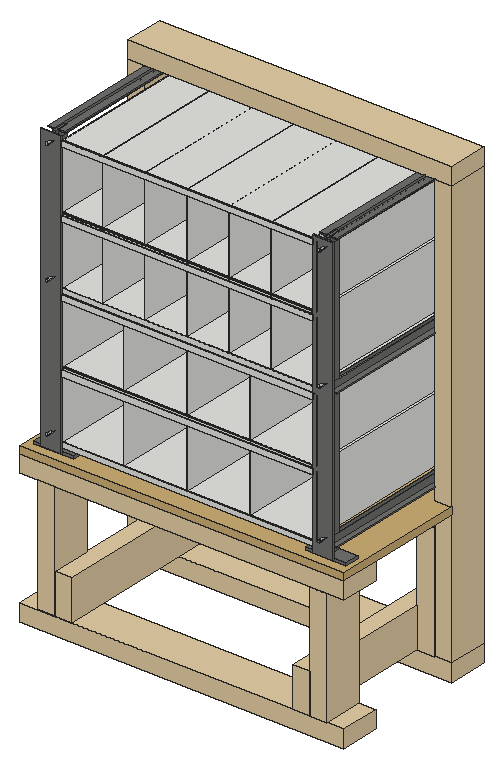
Revit family "Mailboxes_Aluminum-Rack_Ladder_System-Salsbury_Industries-2_Unit_High_Wall_Installation", category Specialty Equipment, host Wall, Revit 2016 (continued)
Definition of nested family "2200_Series_Aluminum_Mailboxes_Rack_Ladder_Units"
  Dimensions and locks (in)
    aligned and locked: cut or joined group of Extrusion 1, Extrusion 4, Extrusion 7 to plane 23
    aligned and locked: cut or joined group of Extrusion 1, Extrusion 4, Extrusion 7 to plane 10
    aligned and locked: plane 14 "Back Edge of Side Panels" to curve 46
    aligned and locked: curve 44 to plane 111
    aligned and locked: curve 45 to plane 34
  Automatic sketch dimensions
    plane 6 "Front" to Extrusion 4 sketch curve = 0.000"
    Extrusion 4 sketch curve to plane 24 "Right Side Trim Alignment-Top and Bottom Trim" = 0.000"
    Extrusion 4 sketch curve to plane 5 "Right" = 0.000"
    plane 27 to Extrusion 4 sketch curve = 0.000"
    plane 6 "Front" to Extrusion 6 sketch curve = 0.000"
    Extrusion 6 sketch curve to plane 30 "Left Side Trim Alignment-Top and Bottom Trim" = 0.000"
    Extrusion 6 sketch curve to plane 4 "Left" = 0.000"
    Extrusion 6 sketch curve to plane 27 = 0.000"
    Extrusion 7 sketch curve to plane 6 "Front" = 0.000"
    plane 22 to Extrusion 7 sketch curve = 0.000"
    Extrusion 7 sketch curve to plane 31 "Trop Trim Extrusion Line" = 0.000"
    plane 21 "Top Trim Height" to Extrusion 7 sketch curve = 0.000"
    Extrusion 9 sketch curve to plane 14 "Back Edge of Side Panels" = 0.000"
    Extrusion 9 sketch curve to plane 7 "Back" = 0.000"
    plane 21 "Top Trim Height" to Extrusion 9 sketch curve = 0.000"
    plane 14 "Back Edge of Side Panels" to Extrusion 11 sketch curve = 0.000"
    plane 15 to Extrusion 11 sketch curve = 0.000"
    Extrusion 11 sketch curve to plane 32 "Left Wall of Enclosure" = 0.000"
    Extrusion 11 sketch curve to plane 25 "Inner Right Side of Trim" = 0.000"
    plane 24 "Right Side Trim Alignment-Top and Bottom Trim" to Extrusion 12 sketch curve = 0.000"
    Extrusion 12 sketch curve to plane 55 "Door Align - Row 1" = 0.000"  (x2)
    Extrusion 12 sketch curve to plane 45 "Bottom Compartment Section-Top Plate" = 0.000"  (x2)
    plane 32 "Left Wall of Enclosure" to Extrusion 12 sketch curve = 0.000"
    plane 26 "Right Wall of Enclsosure" to Extrusion 12 sketch curve = 0.000"
    Extrusion 12 sketch curve to plane 93 = 0.0005"
    Extrusion 13 sketch curve to plane 77 = 0.000"
    plane 11 "Door Align-Back of Door" to Extrusion 22 sketch curve = 0.000"
    Extrusion 22 sketch curve to plane 68 = 0.000"
    Extrusion 22 sketch curve to plane 69 = 0.000"
    plane 92 to Extrusion 22 sketch curve = 0.000"
    curve 33 to plane 27 = 0.000"
    plane 27 to curve 30 = 0.000"
    curve 29 to plane 30 "Left Side Trim Alignment-Top and Bottom Trim" = 0.000"
    curve 32 to plane 24 "Right Side Trim Alignment-Top and Bottom Trim" = 0.000"
    curve 40 to plane 11 "Door Align-Back of Door" = 0.000"
    plane 23 to curve 40 = 0.000"
    curve 43 to plane 12 "Back Edge of Top Trim" = 0.000"
    plane 22 to curve 43 = 0.000"
    curve 36 to plane 15 = 0.000"
    curve 36 to plane 18 = 0.000"
    curve 38 to plane 17 "Back Edge of Bottom Trim" = 0.000"
    curve 38 to plane 19 = 0.000"
    curve 37 to plane 16 = 0.000"
    curve 40 to plane 10 = 0.000"
  Nested families (in)
    nested 1: "Rack Ladder None" at (-5.61775, -7.25025, 0.28125), type <- "Door Location D8", visible <- "Visible", type "No Door"
    nested 2: "Rack Ladder None" at (-9.3155, -7.25025, 0.28125), type <- "Door Location D7", visible <- "Visible", type "No Door"
    nested 3: "Rack Ladder #4 Door" at (-5.62775, -7.25025, 0.28125), type <- "Door Location D9", visible <- "Visible", type "#4 Door"
    nested 4: "Rack Ladder None" at (1.77825, -7.25025, 0.28125), type <- "Door Location D10", visible <- "Visible", type "No Door"
    nested 5: "Rack Ladder None" at (5.47625, -7.25025, 0.28125), type <- "Door Location D11", visible <- "Visible", type "No Door"
    nested 6: "Rack Ladder #4 Door" at (5.46875, -7.25025, 0.28125), type <- "Door Location D12", visible <- "Visible", type "#4 Door"
    nested 7: "Rack Ladder None" at (-5.61775, -7.25025, 6.219), type <- "Door Location D2", visible <- "Visible", type "No Door"
    nested 8: "Rack Ladder None" at (-9.3155, -7.25025, 6.219), type <- "Door Location D1", visible <- "Visible", type "No Door"
    nested 9: "Rack Ladder None" at (-1.91975, -7.25025, 6.219), type <- "Door Location D3", visible <- "Visible", type "No Door"
    nested 10: "Rack Ladder None" at (1.77825, -7.25025, 6.219), type <- "Door Location D4", visible <- "Visible", type "No Door"
    nested 11: "Rack Ladder None" at (5.47625, -7.25025, 6.219), type <- "Door Location D5", visible <- "Visible", type "No Door"
    nested 12: "Rack Ladder None" at (9.1765, -7.25025, 6.219), type <- "Door Location D6", visible <- "Visible", type "No Door"
    nested 13: "Rack Ladder None" at (-7.46675, -7.25025, 0.28125), type <- "Door Location D15", type "No Door"
    nested 14: "Rack Ladder None" at (3.628, -7.25025, 0.28125), type <- "Door Location D16", type "No Door"
    nested 15: "Rack Ladder None" at (-7.46675, -7.25025, 6.219), type <- "Door Location D13", type "No Door"
    nested 16: "Rack Ladder None" at (3.628, -7.25025, 6.219), type <- "Door Location D14", type "No Door"
    nested 17: "Rack Ladder None" at (-1.7605, -7.25025, 0.28125), type <- "Door Location D17", type "No Door"
    nested 18: "Rack Ladder Latch Lock" at (5.93775, 7.77746, 0.59116), visible <- "Rear Door", type "Lock Latch"
      with Rear Door no
    nested 19: "Rack Ladder Latch Lock" at (-6.0935, 7.77746, 0.59116), visible <- "Rear Door", type "Lock Latch"
      with Rear Door no
  Definition of nested family "Rack Ladder #4 Door"
    Parameters (values of type "#4 Door")
      Width = 10.938"
      Type Comments = "For Aluminum Mailboxes"
      Model = "#4 Door"
      Manufacturer = "Salsbury Industries"
      Lock Offset - Vertical = 5.813"
      Lock Material = none
      Height = 11.563"
      Front Panel Material = none
      Depth = 0.313"
    Reference planes (in)
      plane 1 "Center (Front/Back)": y = 0
      plane 2 "Bottom of Door": z = 0
      plane 3 "Center (Left/Right)": x = 0
      plane 4 "Left Side of Door": x = -5.469
      plane 5 "Right Side of Door": x = 5.469
      plane 6 "Front of Door": y = -0.1565
      plane 7 "Back of Door": y = 0.1565
      plane 8 "Vertical Center": z = 5.7815
      plane 9 "Top of Door": z = 11.563
      plane 10 "Hinge Line": x = 4.969
      plane 11 "Vertical Lock Center": x = -4.469
      plane 12: z = 5.813
      plane 13: x = 3.969
      plane 14: x = 3.469
      plane 15: x = 2.469
      plane 16: x = 1.969
      plane 17: x = 0.969
      plane 18: x = 0.5
      plane 19: x = -0.5
      plane 20: x = -1
      plane 21: x = -2
      plane 22: x = -2.5
      plane 23: x = -3.469
      plane 24: x = -3.969
      plane 25: x = -4.969
      plane 26 "Front of Hinge": y = -0.344
      plane 27 "Door Face Inset Guide": y = -0.12525
      plane 28: z = 10.563
    Forms (in)
      Extrusion 1, solid, material <- "Front Panel Material"
        sketch origin (0, 0, 0) x (1, 0, 0) y (0, 1, 0)
          loop
            line (5.469, 0.1565) -> (-5.469, 0.1565) -> (-5.469, -0.1565) -> (4.969, -0.1565)
            arc (4.969, -0.1565) -> (5.219, -0.34407) -> (5.469, -0.1565) r 0.26039
            line (5.469, -0.1565) -> (5.469, 0.1565)
        from 0 to 11.563
      Extrusion 2, void
        sketch origin (0, -0.344, 0) x (1, 0, 0) y (0, 0, 1)
          loop
            line (3.969, 11.563) -> (3.969, 0) -> (4.969, 0) -> (4.969, 11.563) -> (3.969, 11.563)
          loop
            line (2.469, 11.563) -> (2.469, 0) -> (3.469, 0) -> (3.469, 11.563) -> (2.469, 11.563)
          loop
            line (0.969, 11.563) -> (0.969, 0) -> (1.969, 0) -> (1.969, 11.563) -> (0.969, 11.563)
          loop
            line (-0.5, 11.563) -> (-0.5, 0) -> (0.5, 0) -> (0.5, 11.563) -> (-0.5, 11.563)
          loop
            line (-2, 11.563) -> (-2, 0) -> (-1, 0) -> (-1, 11.563) -> (-2, 11.563)
          loop
            line (-3.469, 11.563) -> (-3.469, 0) -> (-2.5, 0) -> (-2.5, 11.563) -> (-3.469, 11.563)
          loop
            line (-4.969, 11.563) -> (-4.969, 0) -> (-3.969, 0) -> (-3.969, 11.563) -> (-4.969, 11.563)
        from 0 to -0.21875
      Extrusion 3, void
        sketch origin (0, 0, 0) x (1, 0, 0) y (0, 0, 1)
          loop
            circle (-4.469, 5.7815) r 0.3125
        from 0.12525 to -0.1565
      Extrusion 4, solid, material <- "Lock Material"
        sketch origin (0, 0.1565, 0) x (1, 0, 0) y (0, 0, 1)
          loop
            circle (-4.469, 5.7815) r 0.3
        from 0 to 0.28175
      Extrusion 5, void
        sketch origin (0, -0.1565, 0) x (1, 0, 0) y (0, 0, 1)
          loop
            line (-4.5315, 5.82678) -> (-4.5315, 5.48003) -> (-4.4065, 5.48003) -> (-4.4065, 5.82678) -> (-4.5315, 5.82678)
        from -0.1565 to 0
    Cuts and joins
      Extrusion 2, Extrusion 3 cuts Extrusion 1
      Extrusion 5 cuts Extrusion 4
    Lines and regions (in)
      symbolic lines
        curve 1: line (-5.469, -0.1565, 11.563) -> (5.469, -0.1565, 11.563)
        curve 2: line (-5.469, -0.1565, 0) -> (-5.469, -0.1565, 11.563)
        curve 3: line (5.469, -0.1565, 0) -> (-5.469, -0.1565, 0)
        curve 4: line (5.469, -0.1565, 11.563) -> (5.469, -0.1565, 0)
        curve 5: line (4.969, -0.1565, 11.563) -> (4.969, -0.1565, 0)
        curve 6: circle (-4.469, -0.1565, 5.7815) r 0.3125 normal (0, -1, 0)
    Dimensions and locks (in)
      equal spacing: plane 9 "Top of Door", plane 8 "Vertical Center", plane 2 "Bottom of Door"
      equal spacing: plane 4 "Left Side of Door", plane 3 "Center (Left/Right)", plane 5 "Right Side of Door"
      equal spacing: plane 6 "Front of Door", plane 1 "Center (Front/Back)", plane 7 "Back of Door"
      "Height": plane 9 "Top of Door" to plane 2 "Bottom of Door"
      "Width": plane 4 "Left Side of Door" to plane 5 "Right Side of Door"
      "Depth": plane 6 "Front of Door" to plane 7 "Back of Door"
      plane 10 "Hinge Line" to plane 5 "Right Side of Door" = 0.500"
      "Lock Offset - Vertical": plane 12 to plane 2 "Bottom of Door"
      plane 4 "Left Side of Door" to plane 11 "Vertical Lock Center" = 1.000"
      plane 25 to plane 24 to plane 23 to plane 22 to plane 21 to plane 20 to plane 19 to plane 18 to plane 17 to plane 16 to plane 15 to plane 14 to plane 13 to plane 10 "Hinge Line" = 1.000" locked, 0.500" locked, 0.969" locked, 0.500" locked, 1.000" locked, 0.500" locked, 1.000" locked, 0.469" locked, 1.000" locked, 0.500" locked, 1.000" locked, 0.500" locked, 1.000" locked
      plane 26 "Front of Hinge" to plane 6 "Front of Door" = 0.1875"
      plane 6 "Front of Door" to plane 27 "Door Face Inset Guide" = 0.03125"
      plane 9 "Top of Door" to plane 28 = 1.000"
      aligned and locked: level to plane 2 "Bottom of Door"
      aligned and locked: cut or joined group of Extrusion 1, Extrusion 2, Extrusion 3 to plane 2 "Bottom of Door"
      aligned and locked: cut or joined group of Extrusion 1, Extrusion 2, Extrusion 3 to plane 9 "Top of Door"
      aligned and locked: plane 9 "Top of Door" to Extrusion 2 sketch curve  (x7)
      aligned and locked: plane 2 "Bottom of Door" to curve 3
      aligned and locked: plane 5 "Right Side of Door" to curve 4
      aligned and locked: plane 9 "Top of Door" to curve 1
      aligned and locked: curve 2 to plane 4 "Left Side of Door"
      aligned and locked: plane 9 "Top of Door" to curve 5
      aligned and locked: plane 2 "Bottom of Door" to curve 5
      aligned and locked: plane 10 "Hinge Line" to curve 5
    Automatic sketch dimensions
      Extrusion 1 sketch curve to plane 4 "Left Side of Door" = 0.000"
      plane 6 "Front of Door" to Extrusion 1 sketch curve = 0.000"  (x2)
      Extrusion 1 sketch curve to plane 10 "Hinge Line" = 0.000"
      Extrusion 1 sketch curve to plane 5 "Right Side of Door" = 0.000"
      plane 7 "Back of Door" to Extrusion 1 sketch curve = 0.000"
      Extrusion 1 sketch curve to plane 27 "Door Face Inset Guide" = 0.04158"
      Extrusion 2 sketch curve to level = 0.000"  (x7)
      plane 25 to Extrusion 2 sketch curve = 0.000"
      plane 24 to Extrusion 2 sketch curve = 0.000"
      plane 23 to Extrusion 2 sketch curve = 0.000"
      plane 22 to Extrusion 2 sketch curve = 0.000"
      plane 21 to Extrusion 2 sketch curve = 0.000"
      plane 20 to Extrusion 2 sketch curve = 0.000"
      plane 19 to Extrusion 2 sketch curve = 0.000"
      plane 18 to Extrusion 2 sketch curve = 0.000"
      plane 17 to Extrusion 2 sketch curve = 0.000"
      plane 16 to Extrusion 2 sketch curve = 0.000"
      plane 15 to Extrusion 2 sketch curve = 0.000"
      plane 14 to Extrusion 2 sketch curve = 0.000"
      plane 13 to Extrusion 2 sketch curve = 0.000"
      plane 10 "Hinge Line" to Extrusion 2 sketch curve = 0.000"
      plane 8 "Vertical Center" to Extrusion 3 sketch curve = 0.000"
      plane 11 "Vertical Lock Center" to Extrusion 3 sketch curve = 0.000"
      plane 8 "Vertical Center" to Extrusion 4 sketch curve = 0.000"
      plane 11 "Vertical Lock Center" to Extrusion 4 sketch curve = 0.000"
      plane 11 "Vertical Lock Center" to Extrusion 5 sketch curve = 0.0625"
      Extrusion 5 sketch curve to plane 11 "Vertical Lock Center" = 0.0625"
      plane 8 "Vertical Center" to Extrusion 5 sketch curve = 0.30147"
      Extrusion 5 sketch curve to plane 8 "Vertical Center" = 0.04528"
      curve 6 to plane 8 "Vertical Center" = 0.000"
      plane 11 "Vertical Lock Center" to curve 6 = 0.000"
      radius of Extrusion 3 sketch curve = 0.3125"
      radius of Extrusion 4 sketch curve = 0.300"
      radius of curve 6 = 0.3125"
  Definition of nested family "Rack Ladder None"
    Parameters (values of type "No Door")
      Width = 3.522"
      Visible = no
      Type Comments = "For Aluminum Mailboxes"
      Model = "#1 Door"
      Manufacturer = "Salsbury Industries"
      Lock Offset - Vertical = 1.5625"
      Lock Material = none
      Height = 5.625"
      Front Panel Material = none
      Door Numbers = no
      Door Number [instance] = "1"
      Depth = 0.313"
    Reference planes (in)
      plane 1 "Center (Front/Back)": y = 0
      plane 2 "Bottom of Door": z = 0
      plane 3 "Center (Left/Right)": x = 0
      plane 4 "Left Side of Door": x = -1.761
      plane 5 "Right Side of Door": x = 1.761
      plane 6 "Front of Door": y = -0.1565
      plane 7 "Back of Door": y = 0.1565
      plane 8 "Vertical Center": z = 2.8125
      plane 9 "Top of Door": z = 5.625
      plane 10 "Hinge Line": x = 1.261
      plane 11 "Vertical Lock Center": x = -0.761
      plane 12: z = 1.5625
      plane 13: x = 0.261
      plane 14: x = -0.239
      plane 15: x = -1.239
      plane 16: x = -1.739
      plane 17: x = -2.739
      plane 18: x = -3.208
      plane 19: x = -4.208
      plane 20: x = -4.708
      plane 21: x = -5.708
      plane 22: x = -6.208
      plane 23: x = -7.177
      plane 24: x = -7.677
      plane 25: x = -8.677
      plane 26 "Front of Hinge": y = -0.344
      plane 27 "Door Face Inset Guide": y = -0.12525
      plane 28: z = 4.875
    Forms (in)
      Extrusion 1, solid, material <- "Front Panel Material", visible <- "Visible"
        sketch origin (0, 0, 0) x (1, 0, 0) y (0, 1, 0)
          loop
            line (1.761, 0.1565) -> (-1.761, 0.1565) -> (-1.761, -0.1565) -> (1.261, -0.1565)
            arc (1.261, -0.1565) -> (1.511, -0.34407) -> (1.761, -0.1565) r 0.26039
            line (1.761, -0.1565) -> (1.761, 0.1565)
        from 0 to 5.625
      Extrusion 2, void
        sketch origin (0, -0.344, 0) x (1, 0, 0) y (0, 0, 1)
          loop
            line (0.261, 5.625) -> (0.261, 0) -> (1.261, 0) -> (1.261, 5.625) -> (0.261, 5.625)
          loop
            line (-1.239, 5.625) -> (-1.239, 0) -> (-0.239, 0) -> (-0.239, 5.625) -> (-1.239, 5.625)
          loop
            line (-2.739, 5.625) -> (-2.739, 0) -> (-1.761, 0) -> (-1.761, 5.625) -> (-2.739, 5.625)
          loop
            line (-4.208, 5.625) -> (-4.208, 0) -> (-3.208, 0) -> (-3.208, 5.625) -> (-4.208, 5.625)
          loop
            line (-5.708, 5.625) -> (-5.708, 0) -> (-4.708, 0) -> (-4.708, 5.625) -> (-5.708, 5.625)
          loop
            line (-7.177, 5.625) -> (-7.177, 0) -> (-6.208, 0) -> (-6.208, 5.625) -> (-7.177, 5.625)
          loop
            line (-8.677, 5.625) -> (-8.677, 0) -> (-7.677, 0) -> (-7.677, 5.625) -> (-8.677, 5.625)
        from 0 to -0.21875
      Extrusion 3, void
        sketch origin (0, 0, -1.219) x (1, 0, 0) y (0, 0, 1)
          loop
            circle (-0.761, 2.8125) r 0.3125
        from 0.12525 to -0.1565
      Extrusion 4, solid, material <- "Lock Material", visible <- "Visible"
        sketch origin (0, 0.1565, -1.219) x (1, 0, 0) y (0, 0, 1)
          loop
            circle (-0.761, 2.8125) r 0.3
        from 0 to 0.28175
      Extrusion 5, void
        sketch origin (0, -0.1565, -1.219) x (1, 0, 0) y (0, 0, 1)
          loop
            line (-0.8235, 2.85778) -> (-0.8235, 2.51103) -> (-0.6985, 2.51103) -> (-0.6985, 2.85778) -> (-0.8235, 2.85778)
        from -0.1565 to 0
    Cuts and joins
      Extrusion 2, Extrusion 3 cuts Extrusion 1
      Extrusion 5 cuts Extrusion 4
    Dimensions and locks (in)
      equal spacing: plane 9 "Top of Door", plane 8 "Vertical Center", plane 2 "Bottom of Door"
      equal spacing: plane 4 "Left Side of Door", plane 3 "Center (Left/Right)", plane 5 "Right Side of Door"
      equal spacing: plane 6 "Front of Door", plane 1 "Center (Front/Back)", plane 7 "Back of Door"
      "Height": plane 9 "Top of Door" to plane 2 "Bottom of Door"
      "Width": plane 4 "Left Side of Door" to plane 5 "Right Side of Door"
      "Depth": plane 6 "Front of Door" to plane 7 "Back of Door"
      plane 10 "Hinge Line" to plane 5 "Right Side of Door" = 0.500"
      "Lock Offset - Vertical": plane 12 to plane 2 "Bottom of Door"
      plane 4 "Left Side of Door" to plane 11 "Vertical Lock Center" = 1.000"
      plane 25 to plane 24 to plane 23 to plane 22 to plane 21 to plane 20 to plane 19 to plane 18 to plane 17 to plane 16 to plane 15 to plane 14 to plane 13 to plane 10 "Hinge Line" = 1.000" locked, 0.500" locked, 0.969" locked, 0.500" locked, 1.000" locked, 0.500" locked, 1.000" locked, 0.469" locked, 1.000" locked, 0.500" locked, 1.000" locked, 0.500" locked, 1.000" locked
      plane 26 "Front of Hinge" to plane 6 "Front of Door" = 0.1875"
      plane 6 "Front of Door" to plane 27 "Door Face Inset Guide" = 0.03125"
      plane 9 "Top of Door" to plane 28 = 0.750"
      aligned and locked: level to plane 2 "Bottom of Door"
      aligned and locked: cut or joined group of Extrusion 1, Extrusion 2, Extrusion 3 to plane 2 "Bottom of Door"
      aligned and locked: cut or joined group of Extrusion 1, Extrusion 2, Extrusion 3 to plane 9 "Top of Door"
      aligned and locked: plane 9 "Top of Door" to Extrusion 2 sketch curve  (x7)
    Automatic sketch dimensions
      Extrusion 1 sketch curve to plane 4 "Left Side of Door" = 0.000"
      plane 6 "Front of Door" to Extrusion 1 sketch curve = 0.000"  (x2)
      Extrusion 1 sketch curve to plane 10 "Hinge Line" = 0.000"
      Extrusion 1 sketch curve to plane 5 "Right Side of Door" = 0.000"
      plane 7 "Back of Door" to Extrusion 1 sketch curve = 0.000"
      Extrusion 1 sketch curve to plane 27 "Door Face Inset Guide" = 0.04158"
      Extrusion 2 sketch curve to level = 0.000"  (x7)
      plane 25 to Extrusion 2 sketch curve = 0.000"
      plane 24 to Extrusion 2 sketch curve = 0.000"
      plane 23 to Extrusion 2 sketch curve = 0.000"
      plane 22 to Extrusion 2 sketch curve = 0.000"
      plane 21 to Extrusion 2 sketch curve = 0.000"
      plane 20 to Extrusion 2 sketch curve = 0.000"
      plane 19 to Extrusion 2 sketch curve = 0.000"
      plane 18 to Extrusion 2 sketch curve = 0.000"
      plane 17 to Extrusion 2 sketch curve = 0.000"
      plane 16 to Extrusion 2 sketch curve = 0.022"
      plane 15 to Extrusion 2 sketch curve = 0.000"
      plane 14 to Extrusion 2 sketch curve = 0.000"
      plane 13 to Extrusion 2 sketch curve = 0.000"
      plane 10 "Hinge Line" to Extrusion 2 sketch curve = 0.000"
      plane 8 "Vertical Center" to Extrusion 3 sketch curve = 1.219"
      plane 11 "Vertical Lock Center" to Extrusion 3 sketch curve = 0.000"
      plane 8 "Vertical Center" to Extrusion 4 sketch curve = 1.219"
      plane 11 "Vertical Lock Center" to Extrusion 4 sketch curve = 0.000"
      plane 11 "Vertical Lock Center" to Extrusion 5 sketch curve = 0.0625"
      Extrusion 5 sketch curve to plane 11 "Vertical Lock Center" = 0.0625"
      plane 8 "Vertical Center" to Extrusion 5 sketch curve = 1.52047"
      plane 8 "Vertical Center" to Extrusion 5 sketch curve = 1.17372"
      radius of Extrusion 3 sketch curve = 0.3125"
      radius of Extrusion 4 sketch curve = 0.300"
  Definition of nested family "Rack Ladder Latch Lock"
    Parameters (values of type "Lock Latch")
      Width = 1.866"
      Type Comments = "Lock Latch for Aluminum Mailboxes"
      Rear Door = yes
      Manufacturer = "Salsbury Industries"
      Height = 1.750"
      Depth = 0.244"
      Back Enclosure Material = none
    Reference planes (in)
      plane 1 "Center (Front/Back)": y = 0
      plane 2 "bottom": z = 0
      plane 3 "Center (Left/Right)": x = 0
      plane 4 "right": x = -0.933
      plane 5 "left": x = 0.933
      plane 6 "Front": y = 0.122
      plane 7 "Back": y = -0.122
      plane 8 "Vertical Center": z = 0.875
      plane 9 "top": z = 1.75
      plane 10: z = -0.279
    Forms (in)
      Extrusion 1, solid, material <- "Back Enclosure Material", visible <- "Rear Door"
        sketch origin (0, 0, 0) x (1, 0, 0) y (0, 1, 0)
          loop
            line (-0.2052, -0.0902) -> (-0.933, -0.0902) -> (-0.933, -0.12209) -> (-0.20518, -0.12209)
            arc (-0.20518, -0.12209) -> (-0.12279, -0.08579) -> (-0.09398, -0.00048) r 0.11165
            arc (-0.09398, -0.00048) -> (0.00012, 0.09362) -> (0.09423, -0.00048) r 0.09411
            arc (0.09423, -0.00048) -> (0.12477, -0.08591) -> (0.208, -0.122) r 0.11401
            line (0.208, -0.122) -> (0.933, -0.122) -> (0.933, -0.08954) -> (0.20816, -0.08954)
            arc (0.20816, -0.08954) -> (0.14702, -0.06294) -> (0.1248, -0.00006) r 0.08357
            arc (0.1248, -0.00006) -> (-0.00014, 0.12487) -> (-0.12507, -0.00006) r 0.12494
            arc (-0.12507, -0.00006) -> (-0.1449, -0.06312) -> (-0.2052, -0.0902) r 0.08069
        from 0 to 1.75
      Extrusion 2, void
        sketch origin (0, 0.122, 0) x (1, 0, 0) y (0, 0, 1)
          loop
            line (-0.16686, 1.46934) -> (-0.16686, 0.23804) -> (0.1534, 0.23804) -> (0.1534, 0.43538) -> (0.08495, 0.43538) -> (0.08495, 1.31462) -> (0.1534, 1.31462) -> (0.1534, 1.46934) -> (-0.16686, 1.46934)
        from -0.01091 to 0.1442
      Blend 3, solid, material <- "Back Enclosure Material", visible <- "Rear Door", detail levels fine
        base sketch origin (0, 0.122, 0) x (1, 0, 0) y (0, 0, 1)
          loop
            circle (-0.5582, 1.36599) r 0.1
        top sketch origin (0, 0.122, 0) x (1, 0, 0) y (0, 0, 1)
          loop
            circle (-0.5582, 1.36599) r 0.25
        from 0.16742 to 0.21154
      Blend 4, solid, material <- "Back Enclosure Material", visible <- "Rear Door", detail levels fine
        base sketch origin (1.11828, 0.122, 0) x (1, 0, 0) y (0, 0, 1)
          loop
            circle (-0.5582, 1.36599) r 0.1
        top sketch origin (1.11828, 0.122, 0) x (1, 0, 0) y (0, 0, 1)
          loop
            circle (-0.5582, 1.36599) r 0.25
        from 0.16742 to 0.21154
      Blend 5, solid, material <- "Back Enclosure Material", visible <- "Rear Door", detail levels fine
        base sketch origin (0, 0.122, -1) x (1, 0, 0) y (0, 0, 1)
          loop
            circle (-0.5582, 1.36599) r 0.1
        top sketch origin (0, 0.122, -1) x (1, 0, 0) y (0, 0, 1)
          loop
            circle (-0.5582, 1.36599) r 0.25
        from 0.16742 to 0.21154
      Blend 6, solid, material <- "Back Enclosure Material", visible <- "Rear Door", detail levels fine
        base sketch origin (1.11828, 0.122, -1) x (1, 0, 0) y (0, 0, 1)
          loop
            circle (-0.5582, 1.36599) r 0.1
        top sketch origin (1.11828, 0.122, -1) x (1, 0, 0) y (0, 0, 1)
          loop
            circle (-0.5582, 1.36599) r 0.25
        from 0.16742 to 0.21154
      Extrusion 7, solid, material <- "Back Enclosure Material", visible <- "Rear Door"
        sketch origin (0.00096, -7.77812, -0.40625) x (1, 0, 0) y (0, 1, 0)
          loop
            circle (-0.00048, 7.77784) r 0.09014
        from 0 to 2
      Extrusion 8, solid, material <- "Back Enclosure Material", visible <- "Rear Door"
        sketch origin (0, -7.78798, 0) x (0, 1, 0) y (0, 0, 1)
          loop
            circle (7.81979, 0.30837) r 0.05
        from 0 to 0.5
      Extrusion 9, solid, material <- "Back Enclosure Material", visible <- "Rear Door"
        sketch origin (0.00176, -0.02845, -0.59125) x (1, 0, 0) y (0, 0, 1)
          loop
            line (1.0609, 0.28125) -> (1.0609, 0.31225) -> (-1.06287, 0.31225) -> (-1.06287, 0.28125) -> (1.0609, 0.28125)
        from -0.25 to 0.625
      Extrusion 10, void
        sketch origin (0.00176, -7.77845, -0.31) x (0, -1, 0) y (1, 0, 0)
          loop
            circle (-7.77776, -0.00113) r 0.09325
        from 0 to 0.031
    Cuts and joins
      Extrusion 2 cuts Extrusion 1
      Extrusion 10 cuts Extrusion 9
    Lines and regions (in)
      symbolic lines
        curve 1: line (0.933, 0.122, 1.75) -> (-0.933, 0.122, 1.75)
        curve 2: line (0.933, 0.122, 0) -> (0.933, 0.122, 1.75)
        curve 3: line (-0.933, 0.122, 0) -> (0.933, 0.122, 0)
        curve 4: line (-0.933, 0.122, 1.75) -> (-0.933, 0.122, 0)
        curve 5: line (0.933, 0.122, -0.279) -> (-0.933, 0.122, -0.279)
        curve 6: line (0.08495, 0.122, 1.75) -> (-0.09416, 0.122, 1.75)
        curve 7: line (0.08495, 0.122, -0.40625) -> (0.08495, 0.122, 1.75)
        curve 8: line (-0.09416, 0.122, -0.40625) -> (0.08495, 0.122, -0.40625)
        curve 9: line (-0.09416, 0.122, 1.75) -> (-0.09416, 0.122, -0.40625)
        curve 10: line (0, -0.122, -0.279) -> (0, 0.122, -0.279)
        curve 11: line (0, -0.122, 1.75) -> (0, 0.122, 1.75)
        curve 12: line (0, -0.122, -0.40625) -> (0, -0.122, 1.75)
        curve 13: line (0, 0.122, -0.40625) -> (0, -0.122, -0.40625)
        curve 14: line (0, 0.122, 1.75) -> (0, 0.122, -0.40625)
        curve 15: line (-0.933, -0.122, 0) -> (-0.933, -0.0902, 0)
        curve 16: line (-0.933, -0.0902, 0) -> (0.933, -0.0902, 0)
        curve 17: line (0.933, -0.0902, 0) -> (0.933, -0.122, 0)
    Dimensions and locks (in)
      equal spacing: plane 7 "Back", plane 1 "Center (Front/Back)", plane 6 "Front"
      "Depth": plane 7 "Back" to plane 6 "Front"
      equal spacing: plane 4 "right", plane 3 "Center (Left/Right)", plane 5 "left"
      "Width": plane 4 "right" to plane 5 "left"
      equal spacing: plane 9 "top", plane 8 "Vertical Center", plane 2 "bottom"
      "Height": plane 9 "top" to plane 2 "bottom"
      plane 10 to level = 0.279"
      aligned and locked: level to plane 2 "bottom"
      aligned and locked: curve 4 to plane 4 "right"
      aligned and locked: plane 9 "top" to curve 1
      aligned and locked: plane 5 "left" to curve 2
      aligned and locked: plane 2 "bottom" to curve 3
      aligned and locked: plane 5 "left" to curve 5
      aligned and locked: plane 4 "right" to curve 5
      aligned and locked: plane 10 to curve 5
      aligned and locked: plane 9 "top" to curve 6
      aligned and locked: plane 7 "Back" to curve 10
      aligned and locked: plane 6 "Front" to curve 10
      aligned and locked: curve 12 to plane 7 "Back"
      aligned and locked: plane 6 "Front" to curve 14
      aligned and locked: plane 9 "top" to curve 11
      aligned and locked: cut or joined group of Extrusion 1, Extrusion 2 to plane 5 "left"
      aligned and locked: plane 4 "right" to cut or joined group of Extrusion 1, Extrusion 2
    Automatic sketch dimensions
      Extrusion 1 sketch curve to plane 4 "right" = 0.000"
      plane 7 "Back" to Extrusion 1 sketch curve = 0.000"
      Extrusion 1 sketch curve to plane 5 "left" = 0.000"
      plane 1 "Center (Front/Back)" to Extrusion 1 sketch curve = 0.00951"
      Extrusion 1 sketch curve to plane 3 "Center (Left/Right)" = 0.2052"
      plane 7 "Back" to Extrusion 1 sketch curve = 0.00009"
      Extrusion 1 sketch curve to Extrusion 1 sketch curve = 0.00002"
      Extrusion 1 sketch curve to plane 3 "Center (Left/Right)" = 0.00014"
      plane 3 "Center (Left/Right)" to Extrusion 1 sketch curve = 0.00012"
      plane 3 "Center (Left/Right)" to Extrusion 1 sketch curve = 0.208"
      Extrusion 1 sketch curve to Extrusion 1 sketch curve = 0.00016"
      Extrusion 1 sketch curve to plane 7 "Back" = 0.0318"
      Extrusion 1 sketch curve to plane 7 "Back" = 0.03246"
      Extrusion 1 sketch curve to Extrusion 1 sketch curve = 0.00094"
      plane 1 "Center (Front/Back)" to Extrusion 1 sketch curve = 0.00799"
      Extrusion 1 sketch curve to Extrusion 1 sketch curve = 0.00201"
      Extrusion 2 sketch curve to plane 3 "Center (Left/Right)" = 0.16686"
      plane 3 "Center (Left/Right)" to Extrusion 2 sketch curve = 0.08495"
      Extrusion 2 sketch curve to Extrusion 2 sketch curve = 0.06845"  (x2)
      level to Extrusion 2 sketch curve = 0.23804"
      Extrusion 2 sketch curve to Extrusion 2 sketch curve = 0.19734"
      plane 9 "top" to Extrusion 2 sketch curve = 0.43538"
      plane 9 "top" to Extrusion 2 sketch curve = 0.28066"
      Blend 3 sketch curve to plane 4 "right" = 0.3748"  (x2)
      plane 9 "top" to Blend 3 sketch curve = 0.38401"  (x2)
      plane 5 "left" to Blend 4 sketch curve = 0.37292"  (x2)
      plane 9 "top" to Blend 4 sketch curve = 0.38401"  (x2)
      Blend 5 sketch curve to plane 4 "right" = 0.3748"  (x2)
      level to Blend 5 sketch curve = 0.36599"  (x2)
      plane 5 "left" to Blend 6 sketch curve = 0.37292"  (x2)
      level to Blend 6 sketch curve = 0.36599"  (x2)
      plane 3 "Center (Left/Right)" to Extrusion 7 sketch curve = 0.00048"
      plane 1 "Center (Front/Back)" to Extrusion 7 sketch curve = 0.00028"
      level to Extrusion 8 sketch curve = 0.30837"
      plane 6 "Front" to Extrusion 8 sketch curve = 0.09019"
      plane 4 "right" to Extrusion 9 sketch curve = 0.1281"
      Extrusion 9 sketch curve to plane 5 "left" = 0.12966"
      Extrusion 9 sketch curve to level = 0.310"
      Extrusion 9 sketch curve to Extrusion 9 sketch curve = 0.031"
      plane 1 "Center (Front/Back)" to Extrusion 10 sketch curve = 0.0007"
      plane 3 "Center (Left/Right)" to Extrusion 10 sketch curve = 0.00063"
      curve 6 to plane 3 "Center (Left/Right)" = 0.09416"
      plane 3 "Center (Left/Right)" to curve 6 = 0.08495"
      plane 10 to curve 9 = 0.12725"
      plane 10 to curve 10 = 0.000"
      plane 10 to curve 14 = 0.12725"
      curve 15 to plane 4 "right" = 0.000"
      curve 17 to plane 5 "left" = 0.000"
      curve 16 to plane 7 "Back" = 0.0318"
      plane 7 "Back" to curve 17 = 0.000"
      plane 7 "Back" to curve 15 = 0.000"
      radius of Blend 3 sketch curve = 0.100"
      radius of Blend 3 sketch curve = 0.250"
      radius of Blend 4 sketch curve = 0.100"
      radius of Blend 4 sketch curve = 0.250"
      radius of Blend 5 sketch curve = 0.100"
      radius of Blend 5 sketch curve = 0.250"
      radius of Blend 6 sketch curve = 0.100"
      radius of Blend 6 sketch curve = 0.250"
      radius of Extrusion 7 sketch curve = 0.09014"
      radius of Extrusion 8 sketch curve = 0.050"
      radius of Extrusion 10 sketch curve = 0.09325"
Types (5): name | Starter and Add On Configuration (not applicable) | Starter Configuration (not applicable) | Rough Opening Width | Right RO Offset | Left RO Offset | End Column and Add On Configuration (not applicable) | Description | 2200 Series Mailbox - Location 2 | 2200 Series Mailbox - Location 1
  (no name) | yes | yes | 25.375" | 1.500" | 1.500" | yes | "2 Unit High  Installation - Single Column" | 2200_Series_Aluminum_Mailboxes_Rack_Ladder_Units : 2212 | 2200_Series_Aluminum_Mailboxes_Rack_Ladder_Units : 2208
  Starter Column-2200 Series Mailboxes-2 High | no | no | 25.375" | 0.000" | 1.500" | yes | "2 Unit High  Installation - Starter Column" | 2200_Series_Aluminum_Mailboxes_Rack_Ladder_Units : 2202 | 2200_Series_Aluminum_Mailboxes_Rack_Ladder_Units : 2201
  Right Side - Add On Column-2200 Series Mailboxes-2 High | no | yes | 23.875" | 0.000" | 0.000" | no | "2 Unit High  Installation - Add On Column" | 2200_Series_Aluminum_Mailboxes_Rack_Ladder_Units : 2280 | 2200_Series_Aluminum_Mailboxes_Rack_Ladder_Units : 2282
  Single Column Installation-2200 Series Mailboxes-2 High | yes | yes | 25.375" | 1.500" | 1.500" | yes | "2 Unit High  Installation - Single Column" | 2200_Series_Aluminum_Mailboxes_Rack_Ladder_Units : 2212 | 2200_Series_Aluminum_Mailboxes_Rack_Ladder_Units : 2208
  Right Side - End Column-2200 Series Mailboxes-2 High | yes | yes | 23.875" | 1.500" | 0.000" | no | "2 Unit High  Installation - End Column" | 2200_Series_Aluminum_Mailboxes_Rack_Ladder_Units : 2270P | 2200_Series_Aluminum_Mailboxes_Rack_Ladder_Units : 2272P
